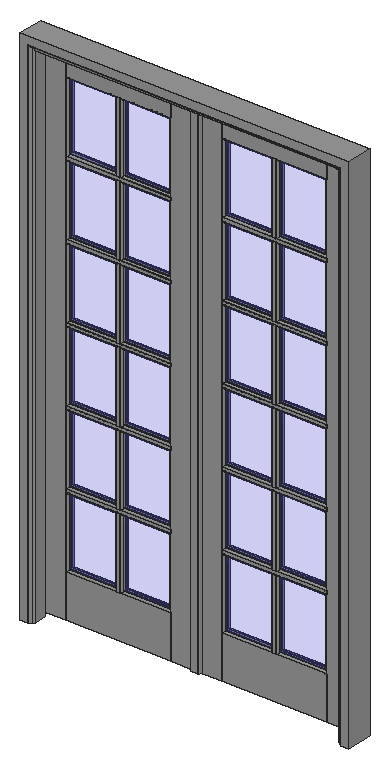
Revit family "I12LIGHT", category Doors, host Wall, Revit 2013 (continued)
Automatic sketch dimensions
  Sweep 34 sketch curve to profile plane = 0 mm
  plane 6 "Exterior" to Sweep 34 sketch curve = 41.5 mm
  Sweep 34 sketch curve to profile plane = 7 mm
  Sweep 34 sketch curve to Sweep 34 sketch curve = 2 mm  (x2)
  Sweep 34 sketch curve to profile plane = 0.241 mm
  Sweep 34 sketch curve to Sweep 34 sketch curve = 6 mm
  plane 2 "Center (Left/Right)" to Sweep 35 sketch curve = 316.5 mm
  plane 4 "Right" to Sweep 35 sketch curve = 134 mm
  level to Sweep 35 sketch curve = 487.344 mm
  Sweep 35 sketch curve to Sweep 35 sketch curve = 283.333 mm
  Sweep 35 sketch curve to profile plane = 0 mm
  plane 6 "Exterior" to Sweep 35 sketch curve = 41.5 mm
  Sweep 35 sketch curve to profile plane = 7 mm
  Sweep 35 sketch curve to Sweep 35 sketch curve = 2 mm  (x2)
  Sweep 35 sketch curve to profile plane = 0.241 mm
  Sweep 35 sketch curve to Sweep 35 sketch curve = 6 mm
  plane 2 "Center (Left/Right)" to Sweep 36 sketch curve = 101 mm
  level to Sweep 36 sketch curve = 487.344 mm
  Sweep 36 sketch curve to Sweep 36 sketch curve = 202.5 mm
  Sweep 36 sketch curve to Sweep 36 sketch curve = 283.333 mm
  Sweep 36 sketch curve to profile plane = 0 mm
  plane 6 "Exterior" to Sweep 36 sketch curve = 41.5 mm
  Sweep 36 sketch curve to profile plane = 7 mm
  Sweep 36 sketch curve to Sweep 36 sketch curve = 2 mm  (x2)
  Sweep 36 sketch curve to profile plane = 0.241 mm
  Sweep 36 sketch curve to Sweep 36 sketch curve = 6 mm
  plane 2 "Center (Left/Right)" to Sweep 37 sketch curve = 316.5 mm
  level to Sweep 37 sketch curve = 191.011 mm
  plane 4 "Right" to Sweep 37 sketch curve = 134 mm
  Sweep 37 sketch curve to Sweep 37 sketch curve = 283.333 mm
  Sweep 37 sketch curve to profile plane = 0 mm
  plane 6 "Exterior" to Sweep 37 sketch curve = 41.5 mm
  Sweep 37 sketch curve to profile plane = 7 mm
  Sweep 37 sketch curve to Sweep 37 sketch curve = 2 mm  (x2)
  Sweep 37 sketch curve to profile plane = 0.241 mm
  Sweep 37 sketch curve to Sweep 37 sketch curve = 6 mm
  plane 2 "Center (Left/Right)" to Sweep 38 sketch curve = 101 mm
  level to Sweep 38 sketch curve = 191.011 mm
  Sweep 38 sketch curve to Sweep 38 sketch curve = 202.5 mm
  Sweep 38 sketch curve to Sweep 38 sketch curve = 283.333 mm
  Sweep 38 sketch curve to profile plane = 0 mm
  plane 6 "Exterior" to Sweep 38 sketch curve = 41.5 mm
  Sweep 38 sketch curve to profile plane = 7 mm
  Sweep 38 sketch curve to Sweep 38 sketch curve = 2 mm  (x2)
  Sweep 38 sketch curve to profile plane = 0.241 mm
  Sweep 38 sketch curve to Sweep 38 sketch curve = 6 mm
  Extrusion 39 sketch curve to plane 8 = 0 mm
  Extrusion 39 sketch curve to host wall = 7.5 mm  (x2)
  level to Extrusion 39 sketch curve = 20 mm
  Extrusion 39 sketch curve to Extrusion 39 sketch curve = 2 mm  (x5)
  plane 8 to Extrusion 39 sketch curve = 2 mm
  Extrusion 39 sketch curve to Extrusion 39 sketch curve = 6 mm  (x2)
  plane 8 to Extrusion 39 sketch curve = 9 mm
  Extrusion 39 sketch curve to host wall = 27.5 mm  (x2)
  Extrusion 39 sketch curve to Extrusion 39 sketch curve = 1.197 mm  (x2)
  Extrusion 39 sketch curve to Extrusion 39 sketch curve = 171 mm
  Extrusion 39 sketch curve to Extrusion 39 sketch curve = 0 mm  (x2)
  Extrusion 39 sketch curve to Extrusion 39 sketch curve = 7 mm
  plane 5 to Extrusion 39 sketch curve = 38 mm
  Extrusion 40 sketch curve to plane 3 "Left" = 38 mm
  Extrusion 40 sketch curve to host wall = 7.5 mm  (x2)
  Extrusion 40 sketch curve to Extrusion 40 sketch curve = 96 mm
  Extrusion 40 sketch curve to Extrusion 40 sketch curve = 0 mm  (x2)
  Extrusion 40 sketch curve to Extrusion 40 sketch curve = 7 mm  (x2)
  Extrusion 40 sketch curve to Extrusion 40 sketch curve = 2 mm  (x6)
  Extrusion 40 sketch curve to host wall = 17.5 mm
  Extrusion 40 sketch curve to plane 2 "Center (Left/Right)" = 110 mm
  Extrusion 40 sketch curve to plane 2 "Center (Left/Right)" = 5 mm
  Extrusion 40 sketch curve to Extrusion 40 sketch curve = 0.241 mm  (x2)
  Extrusion 40 sketch curve to Extrusion 40 sketch curve = 6 mm
  Extrusion 40 sketch curve to host wall = 27.5 mm  (x2)
  Extrusion 41 sketch curve to host wall = 15.5 mm
  Extrusion 41 sketch curve to plane 2 "Center (Left/Right)" = 325.5 mm
  Extrusion 41 sketch curve to host wall = 7.5 mm
  Extrusion 41 sketch curve to Extrusion 41 sketch curve = 2 mm  (x6)
  Extrusion 41 sketch curve to Extrusion 41 sketch curve = 9 mm
  Extrusion 41 sketch curve to Extrusion 41 sketch curve = 0 mm
  Extrusion 41 sketch curve to Extrusion 41 sketch curve = 13 mm  (x2)
  Extrusion 41 sketch curve to Extrusion 41 sketch curve = 7 mm
  Extrusion 41 sketch curve to Extrusion 41 sketch curve = 0.241 mm  (x2)
  Extrusion 41 sketch curve to Extrusion 41 sketch curve = 6 mm
  Extrusion 41 sketch curve to host wall = 27.5 mm
  Extrusion 42 sketch curve to plane 9 = 0 mm
  Extrusion 42 sketch curve to host wall = 7.5 mm
  Extrusion 42 sketch curve to host wall = 15.5 mm
  Extrusion 42 sketch curve to plane 9 = 31 mm
  Extrusion 42 sketch curve to Extrusion 42 sketch curve = 2 mm  (x6)
  Extrusion 42 sketch curve to Extrusion 42 sketch curve = 6 mm
  Extrusion 42 sketch curve to host wall = 27.5 mm
  Extrusion 42 sketch curve to Extrusion 42 sketch curve = 1.197 mm  (x2)
  Extrusion 42 sketch curve to plane 9 = 22 mm
  Extrusion 42 sketch curve to Extrusion 42 sketch curve = 0 mm
  Extrusion 42 sketch curve to plane 9 = 9 mm  (x2)
  Extrusion 43 sketch curve to host wall = 15.5 mm
  Extrusion 43 sketch curve to plane 2 "Center (Left/Right)" = 325.5 mm
  Extrusion 43 sketch curve to host wall = 7.5 mm
  Extrusion 43 sketch curve to Extrusion 43 sketch curve = 2 mm  (x6)
  Extrusion 43 sketch curve to Extrusion 43 sketch curve = 9 mm
  Extrusion 43 sketch curve to Extrusion 43 sketch curve = 0 mm
  Extrusion 43 sketch curve to Extrusion 43 sketch curve = 13 mm  (x2)
  Extrusion 43 sketch curve to Extrusion 43 sketch curve = 7 mm
  Extrusion 43 sketch curve to Extrusion 43 sketch curve = 0.241 mm  (x2)
  Extrusion 43 sketch curve to Extrusion 43 sketch curve = 6 mm
  Extrusion 43 sketch curve to host wall = 27.5 mm
  Extrusion 44 sketch curve to host wall = 7.5 mm
  Extrusion 44 sketch curve to host wall = 15.5 mm
  Extrusion 44 sketch curve to plane 9 = 327.333 mm
  Extrusion 44 sketch curve to Extrusion 44 sketch curve = 2 mm  (x6)
  Extrusion 44 sketch curve to Extrusion 44 sketch curve = 6 mm
  Extrusion 44 sketch curve to host wall = 27.5 mm
  Extrusion 44 sketch curve to Extrusion 44 sketch curve = 1.197 mm  (x2)
  Extrusion 44 sketch curve to Extrusion 44 sketch curve = 9 mm
  Extrusion 44 sketch curve to Extrusion 44 sketch curve = 0 mm
  Extrusion 44 sketch curve to Extrusion 44 sketch curve = 13 mm  (x2)
  Extrusion 44 sketch curve to Extrusion 44 sketch curve = 7 mm
  Extrusion 45 sketch curve to host wall = 15.5 mm
  Extrusion 45 sketch curve to plane 2 "Center (Left/Right)" = 325.5 mm
  Extrusion 45 sketch curve to host wall = 7.5 mm
  Extrusion 45 sketch curve to Extrusion 45 sketch curve = 2 mm  (x6)
  Extrusion 45 sketch curve to Extrusion 45 sketch curve = 9 mm
  Extrusion 45 sketch curve to Extrusion 45 sketch curve = 0 mm
  Extrusion 45 sketch curve to Extrusion 45 sketch curve = 13 mm  (x2)
  Extrusion 45 sketch curve to Extrusion 45 sketch curve = 7 mm
  Extrusion 45 sketch curve to Extrusion 45 sketch curve = 0.241 mm  (x2)
  Extrusion 45 sketch curve to Extrusion 45 sketch curve = 6 mm
  Extrusion 45 sketch curve to host wall = 27.5 mm
  Extrusion 46 sketch curve to host wall = 7.5 mm
  Extrusion 46 sketch curve to host wall = 15.5 mm
  Extrusion 46 sketch curve to plane 9 = 623.667 mm
  Extrusion 46 sketch curve to Extrusion 46 sketch curve = 2 mm  (x6)
  Extrusion 46 sketch curve to Extrusion 46 sketch curve = 6 mm
  Extrusion 46 sketch curve to host wall = 27.5 mm
  Extrusion 46 sketch curve to Extrusion 46 sketch curve = 1.197 mm  (x2)
  Extrusion 46 sketch curve to Extrusion 46 sketch curve = 9 mm
  Extrusion 46 sketch curve to Extrusion 46 sketch curve = 0 mm
  Extrusion 46 sketch curve to Extrusion 46 sketch curve = 13 mm  (x2)
  Extrusion 46 sketch curve to Extrusion 46 sketch curve = 7 mm
  Extrusion 47 sketch curve to host wall = 15.5 mm
  Extrusion 47 sketch curve to plane 2 "Center (Left/Right)" = 325.5 mm
  Extrusion 47 sketch curve to host wall = 7.5 mm
  Extrusion 47 sketch curve to Extrusion 47 sketch curve = 2 mm  (x6)
  Extrusion 47 sketch curve to Extrusion 47 sketch curve = 9 mm
  Extrusion 47 sketch curve to Extrusion 47 sketch curve = 0 mm
  Extrusion 47 sketch curve to Extrusion 47 sketch curve = 13 mm  (x2)
  Extrusion 47 sketch curve to Extrusion 47 sketch curve = 7 mm
  Extrusion 47 sketch curve to Extrusion 47 sketch curve = 0.241 mm  (x2)
  Extrusion 47 sketch curve to Extrusion 47 sketch curve = 6 mm
  Extrusion 47 sketch curve to host wall = 27.5 mm
  Extrusion 48 sketch curve to host wall = 7.5 mm
  Extrusion 48 sketch curve to host wall = 15.5 mm
  level to Extrusion 48 sketch curve = 761.667 mm
  Extrusion 48 sketch curve to Extrusion 48 sketch curve = 2 mm  (x6)
  Extrusion 48 sketch curve to Extrusion 48 sketch curve = 6 mm
  Extrusion 48 sketch curve to host wall = 27.5 mm
  Extrusion 48 sketch curve to Extrusion 48 sketch curve = 1.197 mm  (x2)
  Extrusion 48 sketch curve to Extrusion 48 sketch curve = 9 mm
  Extrusion 48 sketch curve to Extrusion 48 sketch curve = 0 mm
  Extrusion 48 sketch curve to Extrusion 48 sketch curve = 13 mm  (x2)
  Extrusion 48 sketch curve to Extrusion 48 sketch curve = 7 mm
  Extrusion 49 sketch curve to host wall = 15.5 mm
  Extrusion 49 sketch curve to plane 2 "Center (Left/Right)" = 325.5 mm
  Extrusion 49 sketch curve to host wall = 7.5 mm
  Extrusion 49 sketch curve to Extrusion 49 sketch curve = 2 mm  (x6)
  Extrusion 49 sketch curve to Extrusion 49 sketch curve = 9 mm
  Extrusion 49 sketch curve to Extrusion 49 sketch curve = 0 mm
  Extrusion 49 sketch curve to Extrusion 49 sketch curve = 13 mm  (x2)
  Extrusion 49 sketch curve to Extrusion 49 sketch curve = 7 mm
  Extrusion 49 sketch curve to Extrusion 49 sketch curve = 0.241 mm  (x2)
  Extrusion 49 sketch curve to Extrusion 49 sketch curve = 6 mm
  Extrusion 49 sketch curve to host wall = 27.5 mm
  Extrusion 50 sketch curve to host wall = 7.5 mm
  Extrusion 50 sketch curve to host wall = 15.5 mm
  level to Extrusion 50 sketch curve = 465.333 mm
  Extrusion 50 sketch curve to Extrusion 50 sketch curve = 2 mm  (x6)
  Extrusion 50 sketch curve to Extrusion 50 sketch curve = 6 mm
  Extrusion 50 sketch curve to host wall = 27.5 mm
  Extrusion 50 sketch curve to Extrusion 50 sketch curve = 1.197 mm  (x2)
  Extrusion 50 sketch curve to Extrusion 50 sketch curve = 9 mm
  Extrusion 50 sketch curve to Extrusion 50 sketch curve = 0 mm
  Extrusion 50 sketch curve to Extrusion 50 sketch curve = 13 mm  (x2)
  Extrusion 50 sketch curve to Extrusion 50 sketch curve = 7 mm
  Extrusion 51 sketch curve to host wall = 15.5 mm
  Extrusion 51 sketch curve to plane 2 "Center (Left/Right)" = 325.5 mm
  Extrusion 51 sketch curve to host wall = 7.5 mm
  Extrusion 51 sketch curve to Extrusion 51 sketch curve = 2 mm  (x6)
  Extrusion 51 sketch curve to Extrusion 51 sketch curve = 9 mm
  Extrusion 51 sketch curve to Extrusion 51 sketch curve = 0 mm
  Extrusion 51 sketch curve to Extrusion 51 sketch curve = 13 mm  (x2)
  Extrusion 51 sketch curve to Extrusion 51 sketch curve = 7 mm
  Extrusion 51 sketch curve to Extrusion 51 sketch curve = 0.241 mm  (x2)
  Extrusion 51 sketch curve to Extrusion 51 sketch curve = 6 mm
  Extrusion 51 sketch curve to host wall = 27.5 mm
  plane 8 to Extrusion 52 sketch curve = 9 mm
  Extrusion 52 sketch curve to plane 2 "Center (Left/Right)" = 303.5 mm
  Extrusion 52 sketch curve to plane 9 = 9 mm
  Extrusion 52 sketch curve to plane 2 "Center (Left/Right)" = 101 mm
  plane 8 to Extrusion 53 sketch curve = 9 mm
  Extrusion 53 sketch curve to plane 3 "Left" = 134 mm
  Extrusion 53 sketch curve to plane 9 = 9 mm
  Extrusion 53 sketch curve to Extrusion 53 sketch curve = 202.5 mm
  Extrusion 54 sketch curve to plane 9 = 22 mm
  Extrusion 54 sketch curve to plane 2 "Center (Left/Right)" = 303.5 mm
  Extrusion 54 sketch curve to plane 2 "Center (Left/Right)" = 101 mm
  Extrusion 54 sketch curve to plane 9 = 305.333 mm
  Extrusion 55 sketch curve to plane 9 = 22 mm
  Extrusion 55 sketch curve to plane 3 "Left" = 134 mm
  Extrusion 55 sketch curve to plane 9 = 305.333 mm
  Extrusion 55 sketch curve to Extrusion 55 sketch curve = 202.5 mm
  Extrusion 56 sketch curve to plane 2 "Center (Left/Right)" = 303.5 mm
  Extrusion 56 sketch curve to plane 2 "Center (Left/Right)" = 101 mm
  Extrusion 56 sketch curve to plane 9 = 601.667 mm
  Extrusion 56 sketch curve to Extrusion 56 sketch curve = 283.333 mm
  Extrusion 57 sketch curve to plane 3 "Left" = 134 mm
  Extrusion 57 sketch curve to plane 9 = 601.667 mm
  Extrusion 57 sketch curve to Extrusion 57 sketch curve = 202.5 mm
  Extrusion 57 sketch curve to Extrusion 57 sketch curve = 283.333 mm
  Extrusion 58 sketch curve to plane 2 "Center (Left/Right)" = 303.5 mm
  Extrusion 58 sketch curve to plane 2 "Center (Left/Right)" = 101 mm
  level to Extrusion 58 sketch curve = 783.667 mm
  Extrusion 58 sketch curve to Extrusion 58 sketch curve = 283.333 mm
  Extrusion 59 sketch curve to plane 3 "Left" = 134 mm
  Extrusion 59 sketch curve to plane 2 "Center (Left/Right)" = 316.5 mm
  level to Extrusion 59 sketch curve = 783.667 mm
  Extrusion 59 sketch curve to Extrusion 59 sketch curve = 283.333 mm
  Extrusion 60 sketch curve to plane 2 "Center (Left/Right)" = 303.5 mm
  Extrusion 60 sketch curve to plane 2 "Center (Left/Right)" = 101 mm
  level to Extrusion 60 sketch curve = 487.333 mm
  Extrusion 60 sketch curve to Extrusion 60 sketch curve = 283.333 mm
  Extrusion 61 sketch curve to plane 3 "Left" = 134 mm
  level to Extrusion 61 sketch curve = 487.333 mm
  Extrusion 61 sketch curve to Extrusion 61 sketch curve = 202.5 mm
  Extrusion 61 sketch curve to Extrusion 61 sketch curve = 283.333 mm
  Extrusion 62 sketch curve to plane 2 "Center (Left/Right)" = 303.5 mm
  level to Extrusion 62 sketch curve = 191 mm
  Extrusion 62 sketch curve to plane 2 "Center (Left/Right)" = 101 mm
  Extrusion 62 sketch curve to Extrusion 62 sketch curve = 283.333 mm
  Extrusion 63 sketch curve to plane 3 "Left" = 134 mm
  level to Extrusion 63 sketch curve = 191 mm
  Extrusion 63 sketch curve to Extrusion 63 sketch curve = 202.5 mm
  Extrusion 63 sketch curve to Extrusion 63 sketch curve = 283.333 mm
  plane 8 to Sweep 64 sketch curve = 9 mm
  Sweep 64 sketch curve to plane 2 "Center (Left/Right)" = 303.5 mm
  Sweep 64 sketch curve to plane 9 = 9 mm
  Sweep 64 sketch curve to plane 2 "Center (Left/Right)" = 101 mm
  Sweep 64 sketch curve to profile plane = 0 mm
  plane 6 "Exterior" to Sweep 64 sketch curve = 41.5 mm
  Sweep 64 sketch curve to profile plane = 7 mm
  Sweep 64 sketch curve to Sweep 64 sketch curve = 2 mm  (x2)
  Sweep 64 sketch curve to profile plane = 0.241 mm
  Sweep 64 sketch curve to Sweep 64 sketch curve = 6 mm
  plane 8 to Sweep 65 sketch curve = 9 mm
  Sweep 65 sketch curve to plane 3 "Left" = 134 mm
  Sweep 65 sketch curve to plane 9 = 9 mm
  Sweep 65 sketch curve to Sweep 65 sketch curve = 202.5 mm
  Sweep 65 sketch curve to profile plane = 0 mm
  plane 6 "Exterior" to Sweep 65 sketch curve = 41.5 mm
  Sweep 65 sketch curve to profile plane = 7 mm
  Sweep 65 sketch curve to Sweep 65 sketch curve = 2 mm  (x2)
  Sweep 65 sketch curve to profile plane = 0.241 mm
  Sweep 65 sketch curve to Sweep 65 sketch curve = 6 mm
  Sweep 66 sketch curve to plane 9 = 21.989 mm
  Sweep 66 sketch curve to plane 2 "Center (Left/Right)" = 303.5 mm
  Sweep 66 sketch curve to plane 2 "Center (Left/Right)" = 101 mm
  Sweep 66 sketch curve to plane 9 = 305.322 mm
  Sweep 66 sketch curve to profile plane = 0 mm
  plane 6 "Exterior" to Sweep 66 sketch curve = 41.5 mm
  Sweep 66 sketch curve to profile plane = 7 mm
  Sweep 66 sketch curve to Sweep 66 sketch curve = 2 mm  (x2)
  Sweep 66 sketch curve to profile plane = 0.241 mm
  Sweep 66 sketch curve to Sweep 66 sketch curve = 6 mm
  Sweep 67 sketch curve to plane 9 = 21.989 mm
  Sweep 67 sketch curve to plane 3 "Left" = 134 mm
  Sweep 67 sketch curve to plane 9 = 305.322 mm
  Sweep 67 sketch curve to Sweep 67 sketch curve = 202.5 mm
  Sweep 67 sketch curve to profile plane = 0 mm
  plane 6 "Exterior" to Sweep 67 sketch curve = 41.5 mm
  Sweep 67 sketch curve to profile plane = 7 mm
  Sweep 67 sketch curve to Sweep 67 sketch curve = 2 mm  (x2)
  Sweep 67 sketch curve to profile plane = 0.241 mm
  Sweep 67 sketch curve to Sweep 67 sketch curve = 6 mm
  Sweep 68 sketch curve to plane 2 "Center (Left/Right)" = 303.5 mm
  Sweep 68 sketch curve to plane 2 "Center (Left/Right)" = 101 mm
  Sweep 68 sketch curve to plane 9 = 601.656 mm
  Sweep 68 sketch curve to Sweep 68 sketch curve = 283.333 mm
  Sweep 68 sketch curve to profile plane = 0 mm
  plane 6 "Exterior" to Sweep 68 sketch curve = 41.5 mm
  Sweep 68 sketch curve to profile plane = 7 mm
  Sweep 68 sketch curve to Sweep 68 sketch curve = 2 mm  (x2)
  Sweep 68 sketch curve to profile plane = 0.241 mm
  Sweep 68 sketch curve to Sweep 68 sketch curve = 6 mm
  Sweep 69 sketch curve to plane 3 "Left" = 134 mm
  Sweep 69 sketch curve to plane 9 = 601.656 mm
  Sweep 69 sketch curve to Sweep 69 sketch curve = 202.5 mm
  Sweep 69 sketch curve to Sweep 69 sketch curve = 283.333 mm
  Sweep 69 sketch curve to profile plane = 0 mm
  plane 6 "Exterior" to Sweep 69 sketch curve = 41.5 mm
  Sweep 69 sketch curve to profile plane = 7 mm
  Sweep 69 sketch curve to Sweep 69 sketch curve = 2 mm  (x2)
  Sweep 69 sketch curve to profile plane = 0.241 mm
  Sweep 69 sketch curve to Sweep 69 sketch curve = 6 mm
  Sweep 70 sketch curve to plane 2 "Center (Left/Right)" = 303.5 mm
  Sweep 70 sketch curve to plane 2 "Center (Left/Right)" = 101 mm
  level to Sweep 70 sketch curve = 783.678 mm
  Sweep 70 sketch curve to Sweep 70 sketch curve = 283.333 mm
  Sweep 70 sketch curve to profile plane = 0 mm
  plane 6 "Exterior" to Sweep 70 sketch curve = 41.5 mm
  Sweep 70 sketch curve to profile plane = 7 mm
  Sweep 70 sketch curve to Sweep 70 sketch curve = 2 mm  (x2)
  Sweep 70 sketch curve to profile plane = 0.241 mm
  Sweep 70 sketch curve to Sweep 70 sketch curve = 6 mm
  Sweep 71 sketch curve to plane 3 "Left" = 134 mm
  Sweep 71 sketch curve to plane 2 "Center (Left/Right)" = 316.5 mm
  level to Sweep 71 sketch curve = 783.678 mm
  Sweep 71 sketch curve to Sweep 71 sketch curve = 283.333 mm
  Sweep 71 sketch curve to profile plane = 0 mm
  plane 6 "Exterior" to Sweep 71 sketch curve = 41.5 mm
  Sweep 71 sketch curve to profile plane = 7 mm
  Sweep 71 sketch curve to Sweep 71 sketch curve = 2 mm  (x2)
  Sweep 71 sketch curve to profile plane = 0.241 mm
  Sweep 71 sketch curve to Sweep 71 sketch curve = 6 mm
  Sweep 72 sketch curve to plane 2 "Center (Left/Right)" = 303.5 mm
  Sweep 72 sketch curve to plane 2 "Center (Left/Right)" = 101 mm
  level to Sweep 72 sketch curve = 487.344 mm
  Sweep 72 sketch curve to Sweep 72 sketch curve = 283.333 mm
  Sweep 72 sketch curve to profile plane = 0 mm
  plane 6 "Exterior" to Sweep 72 sketch curve = 41.5 mm
  Sweep 72 sketch curve to profile plane = 7 mm
  Sweep 72 sketch curve to Sweep 72 sketch curve = 2 mm  (x2)
  Sweep 72 sketch curve to profile plane = 0.241 mm
  Sweep 72 sketch curve to Sweep 72 sketch curve = 6 mm
  Sweep 73 sketch curve to plane 3 "Left" = 134 mm
  level to Sweep 73 sketch curve = 487.344 mm
  Sweep 73 sketch curve to Sweep 73 sketch curve = 202.5 mm
  Sweep 73 sketch curve to Sweep 73 sketch curve = 283.333 mm
  Sweep 73 sketch curve to profile plane = 0 mm
  plane 6 "Exterior" to Sweep 73 sketch curve = 41.5 mm
  Sweep 73 sketch curve to profile plane = 7 mm
  Sweep 73 sketch curve to Sweep 73 sketch curve = 2 mm  (x2)
  Sweep 73 sketch curve to profile plane = 0.241 mm
  Sweep 73 sketch curve to Sweep 73 sketch curve = 6 mm
  Sweep 74 sketch curve to plane 2 "Center (Left/Right)" = 303.5 mm
  level to Sweep 74 sketch curve = 191.011 mm
  Sweep 74 sketch curve to plane 2 "Center (Left/Right)" = 101 mm
  Sweep 74 sketch curve to Sweep 74 sketch curve = 283.333 mm
  Sweep 74 sketch curve to profile plane = 0 mm
  plane 6 "Exterior" to Sweep 74 sketch curve = 41.5 mm
  Sweep 74 sketch curve to profile plane = 7 mm
  Sweep 74 sketch curve to Sweep 74 sketch curve = 2 mm  (x2)
  Sweep 74 sketch curve to profile plane = 0.241 mm
  Sweep 74 sketch curve to Sweep 74 sketch curve = 6 mm
  Sweep 75 sketch curve to plane 3 "Left" = 134 mm
  level to Sweep 75 sketch curve = 191.011 mm
  Sweep 75 sketch curve to Sweep 75 sketch curve = 202.5 mm
  Sweep 75 sketch curve to Sweep 75 sketch curve = 283.333 mm
  Sweep 75 sketch curve to profile plane = 0 mm
  plane 6 "Exterior" to Sweep 75 sketch curve = 41.5 mm
  Sweep 75 sketch curve to profile plane = 7 mm
  Sweep 75 sketch curve to Sweep 75 sketch curve = 2 mm  (x2)
  Sweep 75 sketch curve to profile plane = 0.241 mm
  Sweep 75 sketch curve to Sweep 75 sketch curve = 6 mm
  Extrusion 76 sketch curve to host wall = 7.5 mm
  Extrusion 76 sketch curve to plane 2 "Center (Left/Right)" = 20 mm
  host wall to Extrusion 76 sketch curve = 2.5 mm
  Extrusion 76 sketch curve to plane 2 "Center (Left/Right)" = 0 mm
  host wall to Extrusion 76 sketch curve = 0.5 mm  (x2)
  Extrusion 76 sketch curve to Extrusion 76 sketch curve = 5 mm
  plane 2 "Center (Left/Right)" to Extrusion 76 sketch curve = 12 mm
  Extrusion 76 sketch curve to Extrusion 76 sketch curve = 8 mm
  Extrusion 76 sketch curve to Extrusion 76 sketch curve = 32 mm
  Extrusion 77 sketch curve to plane 2 "Center (Left/Right)" = 5 mm
  Extrusion 77 sketch curve to host wall = 7.5 mm
  Extrusion 77 sketch curve to plane 2 "Center (Left/Right)" = 0 mm
  Extrusion 77 sketch curve to Extrusion 77 sketch curve = 32 mm
